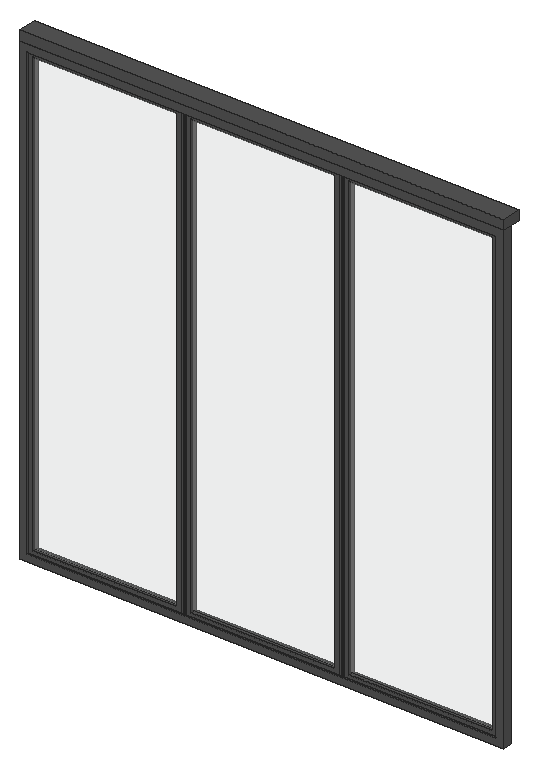
Revit family "Door_Fixed Panel_The Sliding Door Company_3-Panel Fixed (Open-Air)", category Doors, host Wall, Revit 2019
Family settings
  Host = Wall
  OmniClass Number = 23.30.10.00
  OmniClass Title = Doors
  Always vertical = Yes
  Cut with Voids When Loaded = No
  Shared = No
  Room Calculation Point = No
Parameters (values of type "3 Fixed Panels with 2x4 Beam (Open-Air)")
  URL = "https://www.slidingdoorco.com"
  Thickness = 1 1/4"  # constant formula
  Rough Width = Finished Opening or Order Width + 5/8" * 2  # 101 1/4"
  Rough Height = Finished Opening Height + 5/8"  # 96 5/8"
  Panel Width = (Width - 2") / 3  # 32.66667"
  Panel Height = Height - 1 1/2"  # 94 1/2"
  Overall System Height = Finished Opening Height + 2"  # 98"
  Model = "Fixed Panel System (Open-Air)"  # constant formula
  Manufacturer = "The Sliding Door Company"  # constant formula
  Limitations = "Panel Width x System Height cannot exceed 7,400 square inches"  # constant formula
  Glass Thickness = "Available in: 5mm Tempered, 7mm,10mm,11mm Laminated Glass"  # constant formula
  Glass Material [instance] = TSDC - Glass - Clear
  Function = Interior
  Height = if(Finished Opening Height > 122", 122", Finished Opening Height)  # 96"
  Wall Closure = By host
  Width = if(Finished Opening or Order Width > 158", 158", Finished Opening or Order Width)  # 100"
  Stile and Rail = 1 1/2"
  Fire Rating = "N/A"  # constant formula
  Finished Opening or Order Width = 100"
  Finished Opening Height = 96"
  Door Casing Material [instance] = TSDC - Casing/Upper Track - Powder Coated Black
  Description = "3 Fixed Panel System"  # constant formula
  Contact The Sliding Door Company = "https://www.slidingdoorco.com/contact"
  Construction Type = "Fixed Panel System, Mounted to 2x4 Beam"  # constant formula
  Analytic Construction = "<None>"
  3" Frame (No Support Dividers) = "Max. H=122 in., Max. W=158 in. (52 in. panel width)"  # constant formula
  1 1/2" Frame (No Support Dividers) = "Max. H=108 in., Max. W=152 in. (50 in. panel width)"  # constant formula
Reference planes (in)
  plane 1 "Center (Front/Back)": y = 0
  plane 2 "Center (Left/Right)": x = 0
  plane 3 "Top": z = 96
  plane 4 "Exterior": y = 6
  plane 5 "Interior": y = -6
  plane 6 "2": z = 94.375
  plane 7 "3": z = 95.25
  plane 8: y = -0.67851
  plane 9: x = -50
  plane 10: x = 50
  plane 11: x = 49
  plane 12: x = -49
  plane 13: x = -16.33333
  plane 14: x = 16.33333
  plane 15 "5": z = 98
  plane 16: z = 0.75
Forms (in)
  Extrusion 1, solid, material "TSDC - Casing/Upper Track - Powder Coated Black" <- "Door Casing Material"
    sketch origin (40.75888, -1.3998, 0) x (-1, 0, 0) y (0, 0, -1)
      loop
        line (89.75888, -95.25) -> (89.75888, -0.75) -> (57.09221, -0.75) -> (57.09221, -95.25) -> (89.75888, -95.25)
      loop
        line (88.25888, -93.75) -> (88.25888, -2.25) -> (58.59221, -2.25) -> (58.59221, -93.75) -> (88.25888, -93.75)
    from 3 to 4.25
  Extrusion 2, solid, material "TSDC - Glass - Clear" <- "Glass Material"
    sketch origin (40.75888, -1.8998, 0) x (-1, 0, 0) y (0, 0, -1)
      loop
        line (88.25888, -93.75) -> (88.25888, -2.25) -> (58.59221, -2.25) -> (58.59221, -93.75) -> (88.25888, -93.75)
    from 3 to 3.25
  Extrusion 3, solid, material "TSDC - Casing/Upper Track - Powder Coated Black" <- "Door Casing Material"
    sketch origin (28.93339, -2.06132, 0) x (1, 0, 0) y (0, 1, 0)
      loop
        line (-45.36047, -3.58848) -> (-45.64172, -3.58848) -> (-45.64172, -3.62754) -> (-44.89172, -3.62754) -> (-44.89172, -3.58848) -> (-45.17297, -3.58848) -> (-45.17297, -2.33848) -> (-44.89172, -2.33848) -> (-44.89172, -2.29942) -> (-45.64172, -2.29942) -> (-45.64172, -2.33848) -> (-45.36047, -2.33848) -> (-45.36047, -3.58848)
    from 0.75 to 95.25
  Sweep 4, solid, material "TSDC - Casing/Upper Track - Powder Coated Black" <- "Door Casing Material"
    path origin (0, 0, 0) x (1, 0, 0) y (0, 0, 1)
      loop
        line (50, 96) -> (-50, 96) -> (-50, 0) -> (50, 0) -> (50, 96)
    profile origin (0, 0, 96) x (0, 0, -1) y (0, -1, 0)
      loop
        line (0, 6) -> (0, 4.0248) -> (1.5, 4.0248) -> (1.5, 4.36074) -> (0.0625, 4.36074) -> (0.0625, 5.68886) -> (1.5, 5.68886) -> (1.5, 6) -> (0, 6)
  Extrusion 5, solid, material "TSDC - Casing/Upper Track - Powder Coated Black" <- "Door Casing Material"
    sketch origin (75.42555, -1.3998, 0) x (-1, 0, 0) y (0, 0, -1)
      loop
        line (91.75888, -95.25) -> (91.75888, -0.75) -> (59.09221, -0.75) -> (59.09221, -95.25) -> (91.75888, -95.25)
      loop
        line (90.25888, -93.75) -> (90.25888, -2.25) -> (60.59221, -2.25) -> (60.59221, -93.75) -> (90.25888, -93.75)
    from 3 to 4.25
  Extrusion 6, solid, material "TSDC - Glass - Clear" <- "Glass Material"
    sketch origin (75.42555, -1.8998, 0) x (-1, 0, 0) y (0, 0, -1)
      loop
        line (90.25888, -93.75) -> (90.25888, -2.25) -> (60.59221, -2.25) -> (60.59221, -93.75) -> (90.25888, -93.75)
    from 3 to 3.25
  Extrusion 7, solid, material "TSDC - Casing/Upper Track - Powder Coated Black" <- "Door Casing Material"
    sketch origin (63.60005, -2.06132, 0) x (1, 0, 0) y (0, 1, 0)
      loop
        line (-47.36047, -3.58848) -> (-47.64172, -3.58848) -> (-47.64172, -3.62754) -> (-46.89172, -3.62754) -> (-46.89172, -3.58848) -> (-47.17297, -3.58848) -> (-47.17297, -2.33848) -> (-46.89172, -2.33848) -> (-46.89172, -2.29942) -> (-47.64172, -2.29942) -> (-47.64172, -2.33848) -> (-47.36047, -2.33848) -> (-47.36047, -3.58848)
    from 0.75 to 95.25
  Extrusion 8, solid, material "TSDC - Casing/Upper Track - Powder Coated Black" <- "Door Casing Material"
    sketch origin (110.09221, -1.3998, 0) x (-1, 0, 0) y (0, 0, -1)
      loop
        line (93.75888, -95.25) -> (93.75888, -0.75) -> (61.09221, -0.75) -> (61.09221, -95.25) -> (93.75888, -95.25)
      loop
        line (92.25888, -93.75) -> (92.25888, -2.25) -> (62.59221, -2.25) -> (62.59221, -93.75) -> (92.25888, -93.75)
    from 3 to 4.25
  Extrusion 9, solid, material "TSDC - Glass - Clear" <- "Glass Material"
    sketch origin (110.09221, -1.8998, 0) x (-1, 0, 0) y (0, 0, -1)
      loop
        line (92.25888, -93.75) -> (92.25888, -2.25) -> (62.59221, -2.25) -> (62.59221, -93.75) -> (92.25888, -93.75)
    from 3 to 3.25
  Extrusion 10, solid, material "TSDC - Casing/Upper Track - Powder Coated Black" <- "Door Casing Material"
    sketch origin (0, 0, 0) x (0, 1, 0) y (0, 0, 1)
      loop
        line (-6, 98) -> (-6, 96) -> (-2, 96) -> (-2, 98) -> (-6, 98)
    from -50 to 50
Lines and regions (in)
  Opening 1
    outline origin (-60, -6, 0) x (1, 0, 0) y (0, 0, 1)
      loop
        line (110, 0) -> (110, 98) -> (10, 98) -> (10, 0) -> (110, 0)
  model lines, not visible
    curve 1: line (-29.8125, -2.71348, 0) -> (-29.8125, -1.28652, 0)
    curve 2: line (-28.3125, -3, 0) -> (-29.8125, -3, 0)
    curve 3: line (-29.23047, -1.28652, 0) -> (-29.8125, -1.28652, 0)
    curve 4: line (-29.75, -2.65098, 0) -> (-29.75, -1.34902, 0)
    curve 5: line (-29.23047, -1.07167, 0) -> (-29.23047, -1.28652, 0)
    curve 6: line (-29.16797, -1.07167, 0) -> (-29.23047, -1.07167, 0)
    curve 7: line (-29.16797, -1.28652, 0) -> (-29.16797, -1.07167, 0)
    curve 8: line (-28.42188, -1.07167, 0) -> (-28.42188, -1.28652, 0)
    curve 9: line (-28.35938, -1.34902, 0) -> (-28.35938, -1.07167, 0)
    curve 10: line (-28.42188, -1.28652, 0) -> (-29.16797, -1.28652, 0)
    curve 11: line (-28.35938, -1.07167, 0) -> (-28.42188, -1.07167, 0)
    curve 12: line (-28.35938, -1.34902, 0) -> (-29.75, -1.34902, 0)
    curve 13: line (-29.23047, -2.71348, 0) -> (-29.8125, -2.71348, 0)
    curve 14: line (-29.23047, -2.92833, 0) -> (-29.23047, -2.71348, 0)
    curve 15: line (-29.16797, -2.92833, 0) -> (-29.23047, -2.92833, 0)
    curve 16: line (-29.16797, -2.71348, 0) -> (-29.16797, -2.92833, 0)
    curve 17: line (-28.42188, -2.92833, 0) -> (-28.42188, -2.71348, 0)
    curve 18: line (-28.35938, -2.65098, 0) -> (-28.35938, -2.92833, 0)
    curve 19: line (-28.42188, -2.71348, 0) -> (-29.16797, -2.71348, 0)
    curve 20: line (-28.35938, -2.92833, 0) -> (-28.42188, -2.92833, 0)
    curve 21: line (-28.35938, -2.65098, 0) -> (-29.75, -2.65098, 0)
    curve 22: line (-28.3125, -1.0248, 0) -> (-29.8125, -1.0248, 0)
    curve 23: line (-29.8125, -1.0248, 0) -> (-29.8125, -1.2748, 0)
    curve 24: line (-29.8125, -1.2748, 0) -> (29.8125, -1.2748, 0)
    curve 25: line (-29.77734, -1.2748, 0) -> (-29.77734, -1.05996, 0)
    curve 26: line (-29.24219, -1.2748, 0) -> (-29.24219, -1.05996, 0)
    curve 27: line (-29.27734, -1.05996, 0) -> (-29.27734, -1.2748, 0)
    curve 28: line (-29.77734, -1.05996, 0) -> (-28.34766, -1.05996, 0)
    curve 29: line (-28.34766, -1.05996, 0) -> (-28.34766, -1.34902, 0)
    curve 30: line (-28.3125, -1.34902, 0) -> (-28.3125, -1.0248, 0)
    curve 31: line (-28.34766, -1.34902, 0) -> (-28.3125, -1.34902, 0)
Text (in)
  text "Exterior" at (-165.54235, 27.31104, 0), in view "Ref. Level"
  text "Interior" at (-165.54235, -25.14366, 0), in view "Ref. Level"
  text "Exterior" at (0, 40.15149, 123.01588), in view "Right"
  text "Interior" at (0, -64.39139, 123.01588), in view "Right"
  text "Interior" at (0, -31.01599, 123.00693), in view "Left"
  text "Exterior" at (0, 54.57065, 123.00693), in view "Left"
Dimensions and locks (in)
  "Height": level to plane 3 "Top"
  locked: plane 6 "2" to plane 3 "Top" at 1.625
  locked: plane 7 "3" to plane 3 "Top" at 0.75
  "Stile and Rail": Extrusion 1 to Extrusion 1  (x4)
  equal spacing: plane 9, plane 2 "Center (Left/Right)", plane 10
  "Width": plane 9 to plane 10
  locked: plane 9 to plane 12 at 1
  locked: plane 11 to plane 10 at 1
  plane 5 "Interior" to Extrusion 1 to Extrusion 1 = 0.3502" locked, 1 1/4" locked
  plane 5 "Interior" to Extrusion 2 to Extrusion 2 = 0.8502" locked, 1/4" locked
  plane 5 "Interior" to Extrusion 3 to Extrusion 3 to Extrusion 3 to Extrusion 3 = 0.31114" locked, 5/128" locked, 1 1/4" locked, 5/128" locked
  locked: Extrusion 1 to Extrusion 1 at 1.25
  Sweep 4 to Sweep 4 to Sweep 4 to Sweep 4 = 43/128" locked, 1 21/64" locked, 0.31114" locked
  equal spacing: plane 12, plane 13, plane 14, plane 11
  "Stile and Rail": Extrusion 5 to Extrusion 5  (x4)
  locked: Extrusion 5 to Extrusion 5 at 1.25  (x2)
  locked: Extrusion 6 to Extrusion 6 at 0.25
  plane 5 "Interior" to Extrusion 7 to Extrusion 7 to Extrusion 7 to Extrusion 7 = 0.31114" locked, 5/128" locked, 1 1/4" locked, 5/128" locked
  "Stile and Rail": Extrusion 8 to Extrusion 8  (x4)
  locked: Extrusion 8 to Extrusion 8 at 1.25  (x2)
  locked: Extrusion 9 to Extrusion 9 at 0.25
  plane 5 "Interior" to Extrusion 5 to Extrusion 5 = 0.3502" locked, 1 1/4" locked
  plane 5 "Interior" to Extrusion 8 to Extrusion 8 = 0.3502" locked, 1 1/4" locked
  plane 5 "Interior" to Extrusion 6 to Extrusion 6 = 0.8502" locked, 1/4" locked
  plane 5 "Interior" to Extrusion 9 to Extrusion 9 = 0.8502" locked, 1/4" locked
  locked: plane 3 "Top" to plane 15 "5" at 2
  locked: Extrusion 10 to Extrusion 10 at 4
  aligned and locked: plane 4 "Exterior" to host wall
  aligned and locked: host wall to plane 5 "Interior"
  aligned and locked: Extrusion 3 to plane 7 "3"
  aligned and locked: plane 10 to Opening 1 sketch curve
  aligned and locked: Sweep 4 sketch curve to host wall
  aligned and locked: host wall to Sweep 4 sketch curve  (x2)
  aligned and locked: profile plane to Sweep 4 sketch curve
  aligned and locked: Extrusion 3 to Sweep 4 sketch curve
  aligned and locked: Sweep 4 sketch curve to Extrusion 3
  aligned and locked: Extrusion 2 to Extrusion 1  (x4)
  aligned and locked: Extrusion 6 to Extrusion 5  (x3)
  aligned and locked: Extrusion 9 to Extrusion 8  (x2)
  aligned and locked: plane 11 to Extrusion 8
  aligned and locked: Extrusion 7 to plane 7 "3"
  aligned and locked: Extrusion 1 to Extrusion 6
  aligned and locked: Extrusion 9 to Extrusion 5
  aligned and locked: Extrusion 1 to Extrusion 9
  aligned and locked: plane 5 "Interior" to Extrusion 10 sketch curve
  aligned and locked: plane 15 "5" to Extrusion 10 sketch curve
  aligned and locked: plane 3 "Top" to Extrusion 10 sketch curve
  aligned and locked: plane 15 "5" to Opening 1 sketch curve
  aligned and locked: Extrusion 10 to host wall
  aligned and locked: host wall to Extrusion 10
  aligned and locked: Extrusion 10 to plane 9
  aligned and locked: Extrusion 1 to plane 16
  aligned and locked: Extrusion 3 to Extrusion 1
  aligned and locked: Extrusion 5 to Extrusion 1
  aligned and locked: Extrusion 7 to Extrusion 1
  aligned and locked: Extrusion 8 to Extrusion 1
Automatic sketch dimensions
  curve 24 to curve 1 = 0"
  curve 2 to curve 1 = 0"
  curve 22 to curve 28 = 9/256"
  curve 1 to curve 4 = 1/16"
  curve 4 to curve 14 = 133/256"
  curve 4 to curve 3 = 133/256"
  curve 3 to curve 10 = 1/16"
  curve 13 to curve 16 = 1/16"
  curve 16 to curve 19 = 191/256"
  curve 6 to curve 8 = 191/256"
  curve 17 to curve 18 = 1/16"
  curve 8 to curve 12 = 1/16"
  curve 18 to curve 2 = 3/64"
  curve 2 to curve 20 = 0.07167"
  curve 2 to curve 16 = 0.07167"
  curve 15 to curve 16 = 55/256"
  curve 14 to curve 16 = 0"
  curve 17 to curve 21 = 1/16"
  curve 18 to curve 12 = 1.30196"
  curve 9 to curve 10 = 1/16"
  curve 5 to curve 7 = 0"
  curve 1 to curve 24 = 3/256"
  curve 26 to curve 5 = 13/64"
  curve 8 to curve 11 = 55/256"
  curve 25 to curve 28 = 55/256"
  curve 25 to curve 22 = 9/256"
  curve 27 to curve 5 = 3/64"
  curve 26 to curve 5 = 3/256"
  curve 9 to curve 29 = 3/256"
  curve 28 to curve 31 = 9/256"
  curve 28 to curve 24 = 58 41/256"
  curve 9 to curve 30 = 0"
  Extrusion 1 sketch curve to plane 7 "3" = 0"
  Extrusion 1 sketch curve to plane 13 = 0"
  Extrusion 1 sketch curve to plane 12 = 0"
  Extrusion 1 sketch curve to plane 13 = 1 1/2"
  plane 12 to Extrusion 1 sketch curve = 1 1/2"
  plane 6 "2" to Extrusion 1 sketch curve = 5/8"
  Extrusion 2 sketch curve to plane 13 = 1 1/2"
  plane 12 to Extrusion 2 sketch curve = 1 1/2"
  plane 6 "2" to Extrusion 2 sketch curve = 5/8"
  Extrusion 3 sketch curve to plane 13 = 3/8"  (x2)
  Extrusion 3 sketch curve to plane 13 = 3/32"
  plane 13 to Extrusion 3 sketch curve = 3/32"
  Extrusion 3 sketch curve to Extrusion 3 sketch curve = 9/32"  (x2)
  Extrusion 3 sketch curve to host wall = 0.31114"
  Extrusion 3 sketch curve to Extrusion 3 sketch curve = 5/128"  (x3)
  plane 8 to Extrusion 3 sketch curve = 3.72129"
  Extrusion 3 sketch curve to Extrusion 3 sketch curve = 0"
  Opening 1 sketch curve to level = 0"
  Sweep 4 sketch curve to level = 0"
  Sweep 4 sketch curve to profile plane = 1/16"
  Sweep 4 sketch curve to Sweep 4 sketch curve = 1 7/16"
  Sweep 4 sketch curve to Sweep 4 sketch curve = 0"
  Sweep 4 sketch curve to Sweep 4 sketch curve = 43/128"
  Extrusion 5 sketch curve to plane 7 "3" = 0"
  Extrusion 5 sketch curve to plane 14 = 0"
  Extrusion 5 sketch curve to plane 13 = 0"
  Extrusion 5 sketch curve to plane 14 = 1 1/2"
  plane 13 to Extrusion 5 sketch curve = 1 1/2"
  plane 6 "2" to Extrusion 5 sketch curve = 5/8"
  Extrusion 6 sketch curve to plane 14 = 1 1/2"
  plane 13 to Extrusion 6 sketch curve = 1 1/2"
  plane 6 "2" to Extrusion 6 sketch curve = 5/8"
  Extrusion 7 sketch curve to plane 14 = 3/8"  (x2)
  Extrusion 7 sketch curve to plane 14 = 3/32"
  plane 14 to Extrusion 7 sketch curve = 3/32"
  Extrusion 7 sketch curve to Extrusion 7 sketch curve = 9/32"  (x2)
  Extrusion 7 sketch curve to host wall = 0.31114"
  Extrusion 7 sketch curve to Extrusion 7 sketch curve = 5/128"  (x3)
  plane 8 to Extrusion 7 sketch curve = 3.72129"
  Extrusion 7 sketch curve to Extrusion 7 sketch curve = 0"
  Extrusion 8 sketch curve to plane 7 "3" = 0"
  Extrusion 8 sketch curve to plane 11 = 0"
  Extrusion 8 sketch curve to plane 14 = 0"
  Extrusion 8 sketch curve to plane 11 = 1 1/2"
  plane 14 to Extrusion 8 sketch curve = 1 1/2"
  plane 6 "2" to Extrusion 8 sketch curve = 5/8"
  Extrusion 9 sketch curve to plane 11 = 1 1/2"
  plane 14 to Extrusion 9 sketch curve = 1 1/2"
  plane 6 "2" to Extrusion 9 sketch curve = 5/8"
  plane 8 to Extrusion 10 sketch curve = 1.32149"
  Opening 1 sketch curve to plane 9 = 0"
  Sweep 4 sketch curve to plane 3 "Top" = 0"
  level to Extrusion 1 sketch curve = 2 1/4"
  level to Extrusion 1 sketch curve = 3/4"
  level to Extrusion 2 sketch curve = 2 1/4"
  level to Extrusion 5 sketch curve = 2 1/4"
  level to Extrusion 5 sketch curve = 3/4"
  level to Extrusion 6 sketch curve = 2 1/4"
  level to Extrusion 8 sketch curve = 2 1/4"
  level to Extrusion 8 sketch curve = 3/4"
  level to Extrusion 9 sketch curve = 2 1/4"
